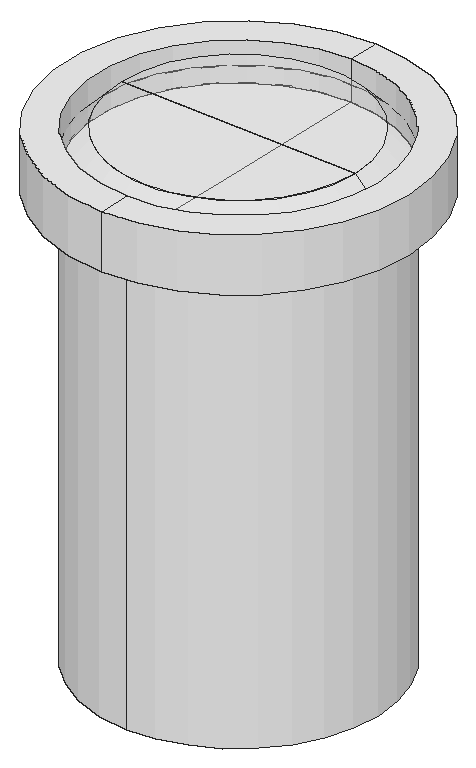
Revit family
Parameters
  Wattage = 150 W
  built-in parameter 1150110 = 1 (stored number, unit not read)
  built-in parameter 1114217 = 1 (stored number, unit not read)
  built-in parameter 1150109 = 1 (stored number, unit not read)
  built-in parameter 1150134 = 3
  built-in parameter 1150113 = 1 (stored number, unit not read)
  Material light Fitting = Metal - Aluminium Satin
  Material Lamp Glazing = Glass - White Frosted
  built-in parameter 1150105 = 859.44 (stored number, unit not read)
  Lumens = 2700 lm
  built-in parameter 1150115 = 1 (stored number, unit not read)
  Light Source Symbol Size = 609.6 mm
  built-in parameter 1150137 = (empty or 0)
  built-in parameter 1150139 = (empty or 0)
  built-in parameter 1150112 = 1 (stored number, unit not read)
  built-in parameter 1150114 = 1 (stored number, unit not read)
  built-in parameter 1150132 = (empty or 0)
  built-in parameter 1150102 = (empty or 0)
  built-in parameter 1150107 = 3200 (stored number, unit not read)
  built-in parameter 1150138 = (empty or 0)
  built-in parameter 1150106 = 8.5944 (stored number, unit not read)
  built-in parameter 1150104 = 1.6723 (stored number, unit not read)
  Dimming Lamp Color Temperature Shift = (empty or 0)
  Color Filter = 16777215
  built-in parameter 1114218 = 1 (stored number, unit not read)
  built-in parameter 1150133 = 10 (stored number, unit not read)
Reference planes
  plane 1 "Light Source Axis (F/B)": y = 0
  plane 2: z = 0
  plane 3 "Light Source Axis (L/R)": x = 0
  plane 4 "Light Source Elevation": z = 0
  plane 5: x = 0
Forms (mm)
  Revolve 1, solid, material "Metal - Aluminium Satin" <- "Material light Fitting"
    sketch origin (0, 0, 0) x (0, 1, 0) y (0, 0, 1)
      loop
        line (0, -310) -> (91, -310) -> (91, -35) -> (111, -35) -> (111, 0) -> (91, 0) -> (91, -25) -> (0, -25) -> (0, -310)
      axis (0, 0) -> (0, -310)
    angle from 0 to 360
  Revolve 2, solid, material "Glass - White Frosted" <- "Material Lamp Glazing"
    sketch origin (0, 0, 0) x (1, 0, 0) y (0, 0, 1)
      loop
        line (0, 0) -> (0, -25) -> (91, -25) -> (91, -15) -> (76, 0) -> (0, 0)
      axis (0, 0) -> (0, -25)
    angle from 0 to 360
Lines and regions (mm)
  Masking region 1
    outline origin (0, 0, 0) x (1, 0, 0) y (0, 1, 0)
      loop
        circle (0, 0) r 111
  symbolic lines
    curve 1: circle (0, 0, 0) r 111 normal (0, 0, 1)
    curve 2: circle (0, 0, 0) r 91 normal (0, 0, 1)
Dimensions and locks
  aligned and locked: plane 3 "Light Source Axis (L/R)" to imposter light
  aligned and locked: plane 1 "Light Source Axis (F/B)" to imposter light
  aligned and locked: plane 3 "Light Source Axis (L/R)" to plane 5
  aligned and locked: plane 5 to Revolve 2 sketch curve
  aligned and locked: plane 4 "Light Source Elevation" to imposter light
  aligned and locked: plane 4 "Light Source Elevation" to plane 2
  aligned and locked: curve 1 to Revolve 1
  aligned and locked: curve 2 to Revolve 1
